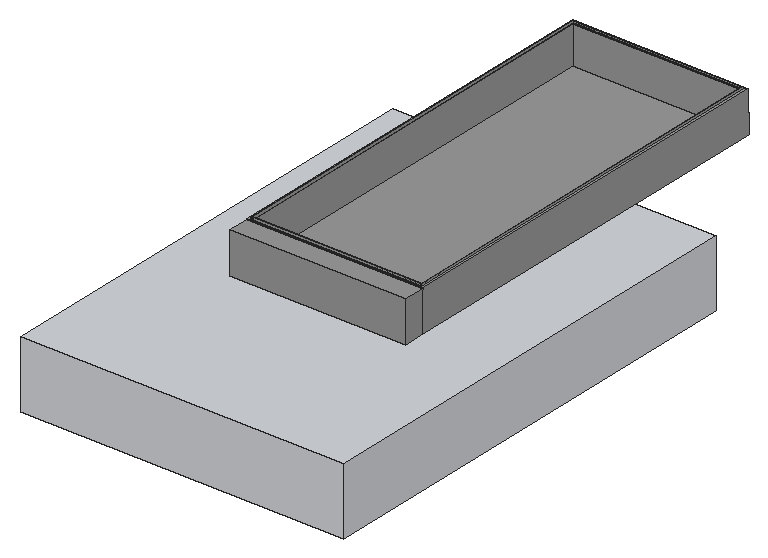
Revit family "Hager-Univers-IP30-D205-H1950-Cl.II-Encl-CH-it", category Equipement électrique, Revit 2020
Family settings
  Hôte = Face
  Configuration du panneau = Deux colonnes, circuits au sein
  Cote de connecteur circulaire = Utiliser le diamètre
  Type d'élément = Tableau de raccordement
  Couper avec des vides une fois chargée = Non
  Partagée = Non
  Point de calcul de pièce = Non
Parameters (values of type "montaggio a pavimento IP30 L800 A1950 P205  - FP23S1N")
  Width Control [instance] = if([EF000008 - Larghezza] > Min Width, [EF000008 - Larghezza], Min Width)  # 800 mm
  Commentaires du type = [HG000003 - Gamma]  # "Univers"
  Thickness Door [instance] = if([EF009171 - spessore materiale porta/coperchio] > 3 mm, 3 mm, [EF009171 - spessore materiale porta/coperchio])  # 1 mm
  Seal Frame Offset [instance] = 17 mm  # constant formula
  Plinth Visibility [instance] = [HG000027 - Altezza dello zoccolo] > 0 mm  # yes
  Model = ""
  Min Width [instance] = 100 mm  # constant formula
  Min Height [instance] = 100 mm  # constant formula
  Min Depth [instance] = (2 * [EF009170 - spessore materiale scatola]) + 1 mm  # 3 mm
  Internal Frame Depth [instance] = (Door System Depth * 0.5)  # 9 mm
  Height Control [instance] = if([EF000040 - Altezza] > Min Height, [EF000040 - Altezza], Min Height)  # 1950 mm
  HG000027 - Altezza dello zoccolo = 100 mm
  HG000026 - A pavimento = yes
  HG000024 - Altezza della sezione inferiore = 800 mm
  HG000023 - Custodia a doppia sezione = no
  HG000016 - Visibilità delle porte nella vista 3D [instance] = yes
  HG000015 - Visibilità attraverso la porta [instance] = no
  HG000014 - Porta destra [instance] = yes
  HG000013 - Porta sinistra [instance] = not([HG000014 - Porta destra])  # no
  HG000012 - Angolo di apertura della porta [instance] = 30.00°
  HG000010 - Porte asimmetriche = no
  HG000009 - Porta doppia a battente = no
  HG000006 - Ad incasso = no
  HG000004 - Codice produttore = "FP23S1N"
  HG000003 - Gamma = "Univers"
  HG000002 - Con porta = no
  Frame Offset Bottom [instance] = 10 mm  # constant formula
  Frame Offset [instance] = 15 mm  # constant formula
  EF015940 - Coprire con rilascio di sovrapressione = no
  EF011959 - tipo di protezione (NEMA) = ""
  EF009554 - numero delle aperture per la piastra della flangia = 6
  Fabricant = "Hager"  # constant formula
  EF009212 - esecuzione coperchio = "EV009916 - con taglio"
  EF009171 - spessore materiale porta/coperchio = 1 mm
  EF009170 - spessore materiale scatola = 1 mm
  EF008873 - corrente nominale (In) = 400 A
  EF007800 - adatto per parafulmine = no
  EF006306 - con serratura = no
  EF006244 - coperchio/porta trasparente = no
  EF005474 - grado di protezione (IP) = "EV006410 - IP30"
  EF004464 - tipo di porta = "EV000494 - senza"
  EF004427 - numero di moduli = 432
  EF004293 - resistenza agli urti = "EV006813 - IK07"
  EF003532 - adatto per uso esterno = no
  EF002950 - Numero moduli DIN = 36
  EF001613 - Integrità del circuito = "EV000494 - senza"
  EF001596 - Attacco Lampada = "EV000179 - acciaio"
  EF001131 - profondità interna = 130 mm
  EF001088 - possibilità di applicazione = yes
  EF000437 - numero di ingressi per conduttori = 6
  EF000339 - tipo di copertura = "EV000494 - senza"
  EF000266 - numero di file = 12
  EF000218 - profondità di incasso = 0 mm
  EF000118 - con piastra di montaggio = no
  EF000116 - numero RAL = "9010"
  EF000049 - profondità = 205 mm
  EF000040 - Altezza = 1950 mm
  EF000008 - Larghezza = 800 mm
  EF000007 - colore = "EV000202 - bianco"
  EF000003 - Tipo di montaggio = "EV012274 - montaggio a pavimento"
  Door System Leaf Tolerance [instance] = 1.5 mm  # constant formula
  Door System Depth [instance] = 18 mm  # constant formula
  Door Height [instance] = Height Control - [HG000027 - Altezza dello zoccolo]  # 1850 mm
  Depth Control [instance] = if([EF000049 - profondità] > Min Depth, [EF000049 - profondità], Min Depth)  # 205 mm
  Default Elevation = 0 mm
  Connector Offset [instance] = Height Control / 2  # 975 mm
  Bottom Top Plate Trim [instance] = 1.5 mm  # constant formula
  Plinth height Ctrl [instance] = if([HG000027 - Altezza dello zoccolo] > 0 mm, [HG000027 - Altezza dello zoccolo], 12 mm)  # 100 mm
Types (5, lengths in mm): name | Width Control | HG000004 - Codice produttore | EF009554 - numero delle aperture per la piastra della flangia | EF008873 - corrente nominale (In) | EF004427 - numero di moduli | EF002950 - Numero moduli DIN | EF000437 - numero di ingressi per conduttori | EF000008 - Larghezza
  montaggio a pavimento IP30 L1050 A1950 P205  - FP24S1N | 1050 | "FP24S1N" | 8 | 400 A | 576 | 48 | 8 | 1050
  montaggio a pavimento IP30 L1300 A1950 P205  - FP25S1N | 1300 | "FP25S1N" | 10 | 400 A | 720 | 60 | 10 | 1300
  montaggio a pavimento IP30 L300 A1950 P205  - FP21S1N | 300 | "FP21S1N" | 2 | 250 A | 144 | 12 | 2 | 300
  montaggio a pavimento IP30 L550 A1950 P205  - FP22S1N | 550 | "FP22S1N" | 4 | 400 A | 288 | 24 | 4 | 550
  montaggio a pavimento IP30 L800 A1950 P205  - FP23S1N | 800 | "FP23S1N" | 6 | 400 A | 432 | 36 | 6 | 800
Reference planes
  plane 1 "Center (Front/Back)": y = 0
  plane 2: z = 0
  plane 3 "Center (Left/Right)": x = 0
  plane 4: z = 205
  plane 5: y = 101
  plane 6: y = 1025
  plane 7: y = 100
  plane 8: y = 1950
  plane 9: z = 0
  plane 10: x = -385
  plane 11: x = 385
  plane 12: x = 384
  plane 13: x = -384
  plane 14: y = 1949
  plane 15: x = -383
  plane 16: x = -400
  plane 17: x = 383
  plane 18: x = 400
  plane 19: x = 399
  plane 20: x = -399
  plane 21: y = 111
  plane 22: y = 1950
  plane 23: y = 1934
  plane 24: z = 187
  plane 25: z = 1
  plane 26: z = 186
  plane 27: z = 204
Forms (mm)
  Extrusion 1, solid
    sketch origin (0, 0, 0) x (1, 0, 0) y (0, 1, 0)
      loop
        line (-702.964, 1305) -> (-702.964, -811.445) -> (766.763, -811.445) -> (766.763, 1305) -> (-702.964, 1305)
    from 0 to -304.8
  Extrusion 2, solid, material "Hager_Steel_RAL7035_Light_Grey", visible <- "Plinth Visibility", detail levels medium+fine
    sketch origin (0, 0, 0) x (1, 0, 0) y (0, 1, 0)
      loop
        line (-400, 0) -> (400, 0) -> (400, 100) -> (-400, 100) -> (-400, 0)
    from 0 to 187
  Extrusion 3, solid, material "Hager_Steel_RAL7035_Light_Grey", detail levels medium+fine
    sketch origin (0, 0, 0) x (1, 0, 0) y (0, 1, 0)
      loop
        line (-400, 100) -> (400, 100) -> (400, 1950) -> (-400, 1950) -> (-400, 100)
    from 0 to 187
  Extrusion 4, void
    sketch origin (0, 0, 0) x (1, 0, 0) y (0, 1, 0)
      loop
        line (-399, 101) -> (399, 101) -> (399, 1949) -> (-399, 1949) -> (-399, 101)
    from 1 to 186
  Extrusion 5, void
    sketch origin (-381.607, -4572, 187) x (0, -1, 0) y (-1, 0, 0)
      loop
        line (-4683, 2.393) -> (-6506, 2.393) -> (-6506, -765.607) -> (-4683, -765.607) -> (-4683, 2.393)
    from 0 to 1 <- "EF009170 - spessore materiale scatola"
  Extrusion 6, solid, material "Hager_Steel_RAL7035_Light_Grey", detail levels fine
    sketch origin (0, 0, 187) x (1, 0, 0) y (0, 1, 0)
      loop
        line (-384, 1934) -> (-384, 111) -> (384, 111) -> (384, 1934) -> (-384, 1934)
      loop
        line (-385, 110) -> (385, 110) -> (385, 1935) -> (-385, 1935) -> (-385, 110)
    from 0 to 9 <- "Internal Frame Depth"
  Extrusion 7, solid, material "Hager_Steel_RAL7035_Light_Grey", detail levels coarse
    sketch origin (0, 0, 0) x (1, 0, 0) y (0, 1, 0)
      loop
        line (-400, 0) -> (400, 0) -> (400, 1950) -> (-400, 1950) -> (-400, 0)
    from 0 to 205
  Sweep 8, void
    path in 3D
      loop
        line (-400, 100, 0) -> (400, 100, 0) -> (400, 100, 187) -> (-400, 100, 187) -> (-400, 100, 0)
    profile origin (-400, 100, 93.5) x (-1, 0, 0) y (0, -1, 0)
      loop
        line (0, 0) -> (0, 1.5) -> (-1.5, 1.5)
        arc (-1.5, 1.5) -> (-1.061, 0.439) -> (0, 0) r 1.5
Cuts and joins
  Extrusion 4, Extrusion 5 cuts Extrusion 3
  Sweep 8 cuts Extrusion 2
Lines and regions (mm)
  Masking region 1
    outline origin (0, 0, 0) x (1, 0, 0) y (0, 0, 1)
      loop
        line (-400, 205) -> (-400, 0) -> (400, 0) -> (400, 205) -> (-400, 205)
  Masking region 2, detail levels medium+fine
    outline origin (0, 140, 0) x (0, 1, 0) y (0, 0, 1)
      loop
        line (-40, 0) -> (1810, 0) -> (1810, 187) -> (-40, 187) -> (-40, 0)
  Masking region 3, not visible, detail levels medium+fine
    outline origin (0, 297.922, 0) x (0, 1, 0) y (0, 0, 1)
      loop
        line (738.578, 0) -> (778.578, 0) -> (778.578, 194)
        arc (778.578, 194) -> (775.649, 201.071) -> (768.578, 204) r 10
        line (768.578, 204) -> (738.578, 204) -> (738.578, 0)
  Masking region 4, detail levels coarse
    outline origin (0, 0, 180) x (0, 1, 0) y (0, 0, 1)
      loop
        line (0, -180) -> (1950, -180) -> (1950, 25) -> (0, 25) -> (0, -180)
  Masking region 5, visible <- "Plinth Visibility", detail levels medium+fine
    outline origin (0, 52.24, 12.345) x (0, 0, -1) y (0, 1, 0)
      loop
        line (10.845, 47.76) -> (-173.155, 47.76)
        arc (-173.155, 47.76) -> (-173.594, 46.699) -> (-174.655, 46.26) r 1.5
        line (-174.655, 46.26) -> (-174.655, -52.24) -> (12.345, -52.24) -> (12.345, 46.26)
        arc (12.345, 46.26) -> (11.285, 46.699) -> (10.845, 47.76) r 1.5
  Masking region 6, detail levels medium+fine
    outline origin (-381.607, -4572, 187) x (-1, 0, 0) y (0, -1, 0)
      loop
        line (18.393, -6522) -> (18.393, -4672) -> (-781.607, -4672) -> (-781.607, -6522) -> (18.393, -6522)
  Masking region 7, visible <- "Plinth Visibility", detail levels medium+fine
    outline origin (-381.607, -4727, 187) x (-1, 0, 0) y (0, -1, 0)
      loop
        arc (16.893, -4827) -> (17.332, -4825.939) -> (18.393, -4825.5) r 1.5
        line (18.393, -4825.5) -> (18.393, -4727) -> (-781.607, -4727) -> (-781.607, -4825.5)
        arc (-781.607, -4825.5) -> (-780.546, -4825.939) -> (-780.107, -4827) r 1.5
        line (-780.107, -4827) -> (16.893, -4827)
  Masking region 8, detail levels coarse
    outline origin (-442.548, -4669.526, 187) x (-1, 0, 0) y (0, -1, 0)
      loop
        line (-42.548, -6619.526) -> (-42.548, -4669.526) -> (-842.548, -4669.526) -> (-842.548, -6619.526) -> (-42.548, -6619.526)
  sketch lines
    curve 1: line (-400, 100, 187) -> (-400, 100, 0)
    curve 2: line (400, 100, 187) -> (-400, 100, 187)
    curve 3: line (400, 100, 187) -> (400, 100, 0)
    curve 4: line (-400, 100, 0) -> (400, 100, 0)
Dimensions and locks
  "Depth Control": plane 4 to Extrusion 1
  "HG000027 - Altezza dello zoccolo": plane 1 "Center (Front/Back)" to plane 7
  "EF009170 - spessore materiale scatola": plane 5 to plane 7
  locked: connector elem to plane 3 "Center (Left/Right)"
  equal spacing: plane 8, plane 6, plane 7
  locked: connector elem to plane 6
  "EF009170 - spessore materiale scatola": plane 8 to plane 14
  "EF009170 - spessore materiale scatola": plane 10 to plane 13
  "EF009170 - spessore materiale scatola": plane 12 to plane 11
  "Frame Offset": plane 20 to plane 13
  "Frame Offset": plane 12 to plane 19
  "EF009170 - spessore materiale scatola": plane 16 to plane 20
  "EF009170 - spessore materiale scatola": plane 19 to plane 18
  "Seal Frame Offset": plane 16 to plane 15
  "Seal Frame Offset": plane 17 to plane 18
  "Frame Offset Bottom": plane 21 to plane 5
  "Frame Offset": plane 14 to plane 23
  equal spacing: plane 16, plane 3 "Center (Left/Right)", plane 18
  "Width Control": plane 16 to plane 18
  "EF009170 - spessore materiale scatola": plane 4 to plane 27
  "EF009170 - spessore materiale scatola": plane 24 to plane 26
  "EF009170 - spessore materiale scatola": plane 25 to level
  "Door System Depth": plane 4 to plane 24
  "Height Control": plane 1 "Center (Front/Back)" to Extrusion 7 sketch curve
  "Height Control": Masking region 4 sketch curve to plane 1 "Center (Front/Back)"
  "Height Control": plane 1 "Center (Front/Back)" to plane 22
  "Bottom Top Plate Trim": profile plane to Sweep 8 sketch curve
  "Bottom Top Plate Trim": Sweep 8 sketch curve to profile plane
  "Plinth height Ctrl": plane 1 "Center (Front/Back)" to Extrusion 2 sketch curve
  "Plinth height Ctrl": Masking region 5 sketch curve to plane 1 "Center (Front/Back)"
  "Plinth height Ctrl": plane 1 "Center (Front/Back)" to Masking region 7 sketch curve
  "Thickness Door": Extrusion 6 sketch curve to Extrusion 6 sketch curve  (x3)
  "Thickness Door": cut or joined group of Extrusion 3, Extrusion 4, Extrusion 5 to Extrusion 6 sketch curve
  radius of Masking region 3 sketch curve = 10 mm
  "Bottom Top Plate Trim": radius of Masking region 5 sketch curve  (x2)
  "Bottom Top Plate Trim": radius of Sweep 8 sketch curve
  "Bottom Top Plate Trim": radius of Masking region 7 sketch curve  (x2)
  aligned and locked: plane 2 to Extrusion 1
  aligned and locked: level to Extrusion 1
  aligned and locked: level to Masking region 1 sketch curve
  aligned and locked: Masking region 1 sketch curve to plane 18
  aligned and locked: Masking region 1 sketch curve to plane 16
  aligned and locked: plane 7 to Masking region 2 sketch curve
  aligned and locked: level to Masking region 3 sketch curve
  aligned and locked: Masking region 3 sketch curve to plane 27
  aligned and locked: level to Masking region 2 sketch curve
  aligned and locked: plane 1 "Center (Front/Back)" to Extrusion 2 sketch curve
  aligned and locked: Extrusion 3 sketch curve to plane 7
  aligned and locked: plane 16 to Extrusion 3 sketch curve
  aligned and locked: plane 18 to Extrusion 3 sketch curve
  aligned and locked: plane 20 to Extrusion 4 sketch curve
  aligned and locked: plane 19 to Extrusion 4 sketch curve
  aligned and locked: Extrusion 4 sketch curve to plane 5
  aligned and locked: Extrusion 4 to plane 25
  aligned and locked: plane 26 to Extrusion 4
  aligned and locked: plane 24 to Extrusion 3
  aligned and locked: Extrusion 5 sketch curve to plane 21
  aligned and locked: Extrusion 5 sketch curve to plane 13
  aligned and locked: Extrusion 5 sketch curve to plane 12
  aligned and locked: plane 18 to Extrusion 7 sketch curve
  aligned and locked: plane 1 "Center (Front/Back)" to Extrusion 7 sketch curve
  aligned and locked: plane 16 to Extrusion 7 sketch curve
  aligned and locked: plane 4 to Extrusion 7
  aligned and locked: Extrusion 7 to level
  aligned and locked: level to Masking region 4 sketch curve
  aligned and locked: Masking region 4 sketch curve to plane 1 "Center (Front/Back)"
  aligned and locked: Masking region 4 sketch curve to plane 4
  aligned and locked: nested 1 to level
  aligned and locked: nested 1 to plane 16
  aligned and locked: plane 8 to Extrusion 3 sketch curve
  aligned and locked: plane 23 to Extrusion 5 sketch curve
  aligned and locked: plane 14 to Extrusion 4 sketch curve
  aligned and locked: Masking region 2 sketch curve to plane 8
  aligned and locked: level to Masking region 5 sketch curve
  aligned and locked: plane 16 to Extrusion 2 sketch curve
  aligned and locked: plane 18 to Extrusion 2 sketch curve
  aligned and locked: Masking region 5 sketch curve to plane 24
  aligned and locked: Masking region 2 sketch curve to plane 24
  aligned and locked: plane 24 to Extrusion 2
  aligned and locked: profile plane to Sweep 8 sketch curve  (x2)
  aligned and locked: Masking region 6 sketch curve to plane 18
  aligned and locked: Masking region 6 sketch curve to plane 22
  aligned and locked: Masking region 6 sketch curve to plane 16
  aligned and locked: plane 8 to plane 22
  aligned and locked: Masking region 6 sketch curve to plane 7
  aligned and locked: Masking region 7 sketch curve to plane 16
  aligned and locked: Masking region 7 sketch curve to plane 1 "Center (Front/Back)"
  aligned and locked: Masking region 7 sketch curve to plane 18
  aligned and locked: Masking region 8 sketch curve to plane 1 "Center (Front/Back)"
  aligned and locked: Masking region 8 sketch curve to plane 18
  aligned and locked: Masking region 8 sketch curve to plane 22
  aligned and locked: Masking region 8 sketch curve to plane 16
  aligned and locked: nested 2 to plane 7
  aligned and locked: plane 3 "Center (Left/Right)" to nested 2
  aligned and locked: nested 2 to plane 24
  aligned and locked: Extrusion 6 sketch curve to cut or joined group of Extrusion 3, Extrusion 4, Extrusion 5  (x4)
Automatic sketch dimensions
  Extrusion 1 sketch curve to Extrusion 1 sketch curve = 1469.727 mm
  Extrusion 1 sketch curve to Extrusion 1 sketch curve = 2116.445 mm
  Masking region 1 sketch curve to plane 4 = 0 mm
  plane 6 to Masking region 3 sketch curve = 11.5 mm
  Masking region 3 sketch curve to Masking region 3 sketch curve = 30 mm
  Masking region 5 sketch curve to plane 1 "Center (Front/Back)" = 0 mm
Nested families
  nested 1: "Hager_Enclosure_Symbol" at (-400, 0, 0) x (1, 0, 0) z (0, -1, 0), Height <- "Depth Control", Width <- "Width Control", type "Hager_Enclosure_Symbol"
    with Width_Ctrl 800 mm, Width 800 mm, Height_Ctrl 205 mm, Height 205 mm, A_Width_Int 13.453 mm, A_Width 161.438 mm, A_Height_Ctrl 179.375 mm, A_Height 179.375 mm
  nested 2: "EC000058_Univers_Door" at (0, 100, 187) x (1, 0, 0) z (0, 1, 0), Leaf_Tolerance <- "Door System Leaf Tolerance", Angle <- "HG000012 - Angolo di apertura della porta", Door_Depth <- "Door System Depth", Door_Left <- "HG000013 - Porta sinistra", Transparent <- "EF006244 - coperchio/porta trasparente", Assymetrical <- "HG000010 - Porte asimmetriche", Width <- "Width Control", Clearance <- "HG000015 - Visibilità attraverso la porta", Double <- "HG000009 - Porta doppia a battente", 3d_Door <- "HG000016 - Visibilità delle porte nella vista 3D", Lock_Visibility <- "EF006306 - con serratura", Width_Ctrl <- "Width Control", Door_Right <- "HG000014 - Porta destra", Door <- "HG000002 - Con porta", Height <- "Door Height", Thickness <- "Thickness Door", type "EC000058_Univers_Door", detail levels medium+fine
    with min_wh 3 mm, Width_Ctrl 800 mm, Width 800 mm, Transparent no, Thickness 1 mm, Seal_Material Hager_Rubber, Lock_Visibility no, Lock_Material Hager_Plastic_RAL9005_Jet_Black, Leaf_Width 800 mm, Leaf_Tolerance_External_Sides 0 mm, Leaf_Tolerance 1.5 mm, Leaf_Offset 0 mm, Leaf_Height 1847 mm, Leaf_2_Width 800 mm, Leaf_2_Offset 400 mm, Leaf_1_Width 800 mm, Leaf_1_Offset 400 mm, Height_Ctrl 1850 mm, Height 1850 mm, Glass_Material Hager_Glass, Double_Clearance_Ctrl no, Double no, Door_Right_Ctrl no, Door_Right yes, Door_Material Hager_Steel_RAL7035_Light_Grey, Door_Left_Ctrl no, Door_Left no, Door_Depth 18 mm, Door no, Clearance_Material Hager_Clearance, Clearance_Depth 800 mm, Clearance_Ctrl no, Clearance no, Assymetrical no, Angle 30.00°, 3d_Door yes
Connectors
  electrical at (0, 1025, 0)
    settings: on plane 9, index 1, voltage 0 V, apparent load 0 VA, apparent load phase1 0 VA, apparent load phase2 0 VA, apparent load phase3 0 VA, power factor 1, load classification "Other", number of poles 1, system type 30, power factor state 1, is connector primary yes, connector utility no, sub classification motor no, connector description ""
Definition of nested family "Hager_Enclosure_Symbol"
  Parameters (values of type "Hager_Enclosure_Symbol")
    Width_Ctrl [instance] = if(Width > 1 mm, Width, 1 mm)  # 102.27 mm
    Width [instance] = 102.27 mm
    Height_Ctrl [instance] = if(Height > 1 mm, Height, 1 mm)  # 66.5 mm
    A_Width_Int [instance] = if(A_Width / 12 > 2 mm, A_Width / 12, 2 mm)  # 4.364 mm
    A_Width [instance] = if(A_Height_Ctrl * 0.9 > 2 mm, A_Height_Ctrl * 0.9, 2 mm)  # 52.369 mm
    A_Height_Ctrl [instance] = if(A_Height > 2 mm, A_Height, 2 mm)  # 58.188 mm
    Height [instance] = 66.5 mm
    A_Height [instance] = Height - (Height / 8)  # 58.188 mm
  Reference planes
    plane 1 "Centre (avant/arrière)": y = 0
    plane 2: z = 0
    plane 3 "Centre (gauche/droite)": x = 0
    plane 4: x = 52.369
    plane 5: y = 33.042
    plane 6: y = 41.77
    plane 7: y = 66.5
    plane 8: x = 26.184
    plane 9: y = 37.406
    plane 10: x = 102.27
    plane 11: y = 66.5
    plane 12: y = 8.313
  Lines and regions (mm)
    Filled region 1, type "Solid_Black", in view "Niveau de réf."
      outline origin (0, 0, 0) x (1, 0, 0) y (0, 1, 0)
        loop
          line (52.369, 66.5) -> (33.188, 54.536) -> (45.365, 45.006) -> (52.369, 66.5)
    Filled region 2, type "Solid_Black", in view "Niveau de réf."
      outline origin (0, 0, 0) x (1, 0, 0) y (0, 1, 0)
        loop
          line (0, 0) -> (102.27, 0) -> (102.27, 66.5) -> (0, 0)
    detail lines, in view "Niveau de réf."
      curve 1: line (0, 8.313, 0) -> (26.184, 41.77, 0)
      curve 2: line (26.184, 41.77, 0) -> (26.184, 33.042, 0)
      curve 3: line (26.184, 33.042, 0) -> (52.369, 66.5, 0)
  Dimensions and locks
    "A_Width": plane 3 "Centre (gauche/droite)" to plane 4
    equal spacing: plane 3 "Centre (gauche/droite)", plane 8, plane 4
    equal spacing: plane 6, plane 9, plane 5
    equal spacing: curve 3, Filled region 1 sketch curve, Filled region 1 sketch curve
    "Height_Ctrl": plane 1 "Centre (avant/arrière)" to plane 11
    "A_Height_Ctrl": plane 11 to plane 12
    equal spacing: plane 11, plane 9, plane 12
    "A_Width_Int": plane 6 to plane 9
    "Width_Ctrl": plane 3 "Centre (gauche/droite)" to plane 10
    angle Filled region 1 sketch curve to curve 3 = 20.00°
    angle curve 3 to Filled region 1 sketch curve = 20.00°
    locked: curve 3 to Filled region 1 sketch curve (angle 90.00°)
    aligned and locked: plane 10 to Filled region 2
    aligned and locked: plane 11 to Filled region 2 sketch curve
    aligned and locked: plane 10 to Filled region 2 sketch curve
    aligned and locked: plane 3 "Centre (gauche/droite)" to curve 1
    aligned and locked: plane 12 to curve 1
    aligned and locked: plane 7 to plane 11
  Automatic sketch dimensions
    Filled region 1 sketch curve to plane 4 = 0 mm
    Filled region 1 sketch curve to plane 7 = 0 mm
    plane 1 "Centre (avant/arrière)" to Filled region 2 sketch curve = 0 mm
    Filled region 2 sketch curve to plane 3 "Centre (gauche/droite)" = 0 mm
    curve 2 to plane 6 = 0 mm
    curve 2 to plane 8 = 0 mm
    curve 3 to plane 4 = 0 mm
    curve 2 to plane 5 = 0 mm
    curve 3 to plane 7 = 0 mm
Definition of nested family "EC000058_Univers_Door"
  Parameters (values of type "EC000058_Univers_Door")
    min_wh [instance] = (2 * Thickness) + 1 mm  # 11 mm
    Width_Ctrl [instance] = 400 mm
    Width [instance] = 500 mm
    Transparent [instance] = yes
    Thickness [instance] = 5 mm
    Seal_Material [instance] = none
    Lock_Visibility [instance] = yes
    Lock_Material [instance] = none
    Leaf_Width [instance] = if((Width_Ctrl - 2 * Leaf_Tolerance_External_Sides) > 0 mm, (Width_Ctrl - 2 * Leaf_Tolerance_External_Sides), min_wh)  # 400 mm
    Leaf_Tolerance_External_Sides [instance] = 0 mm  # constant formula
    Leaf_Tolerance [instance] = 1.5 mm
    Leaf_Offset [instance] = 0 mm  # constant formula
    Leaf_Height [instance] = if((Height_Ctrl - 2 * Leaf_Tolerance) > 0 mm, (Height_Ctrl - 2 * Leaf_Tolerance), min_wh)  # 497 mm
    Leaf_2_Width [instance] = if(and(and(Double, Assymetrical), Door_Left), (Leaf_Width / 3) - (Leaf_Tolerance / 2), if(and(and(Double, Assymetrical), Door_Right), (Leaf_Width / 3) * 2 - (Leaf_Tolerance / 2), if(and(Double, not(Assymetrical)), (Leaf_Width / 2) - Leaf_Tolerance, Leaf_Width)))  # 400 mm
    Leaf_2_Offset [instance] = if(and(Double, Assymetrical), Leaf_2_Width / 2, if(and(Double, not(Assymetrical)), Leaf_Width / 4, Leaf_Width / 2))  # 200 mm
    Leaf_1_Width [instance] = if(and(and(Double, Assymetrical), Door_Right), (Leaf_Width / 3) - (Leaf_Tolerance / 2), if(and(and(Double, Assymetrical), Door_Left), (Width / 3) * 2 - (Leaf_Tolerance / 2), if(and(Double, not(Assymetrical)), (Leaf_Width / 2) - Leaf_Tolerance, Leaf_Width)))  # 400 mm
    Leaf_1_Offset [instance] = if(and(Double, Assymetrical), Leaf_1_Width / 2, if(and(Double, not(Assymetrical)), Leaf_Width / 4, Leaf_Width / 2))  # 200 mm
    Height_Ctrl [instance] = if(Height > min_wh, Height, min_wh)  # 500 mm
    Height [instance] = 500 mm
    Glass_Material [instance] = none
    Double_Clearance_Ctrl [instance] = and(Double, Clearance)  # no
    Double [instance] = no
    Door_Right_Ctrl [instance] = and(or(Door_Right, Double), Door)  # yes
    Door_Right [instance] = yes
    Door_Material [instance] = none
    Door_Left_Ctrl [instance] = and(or(Door_Left, Double), Door)  # no
    Door_Left [instance] = no
    Door_Depth [instance] = 30 mm
    Door [instance] = yes
    Default Elevation = 1219.2 mm
    Clearance_Material [instance] = none
    Clearance_Depth [instance] = if(Leaf_1_Width > Leaf_2_Width, Leaf_1_Width, Leaf_2_Width)  # 400 mm
    Clearance_Ctrl [instance] = and(not(Double), Clearance)  # yes
    Clearance [instance] = yes
    Assymetrical [instance] = yes
    Angle [instance] = 30.00°
    3d_Door [instance] = yes
  Reference planes
    plane 1 "Center (Front/Back)": y = 0
    plane 2 "Bottom": z = 0
    plane 3 "Center (Left/Right)": x = 0
    plane 4: z = 500
    plane 5: x = -200
    plane 6: x = 200
    plane 7: z = 500
    plane 8: x = -200
    plane 9: z = 0
    plane 10: x = 200
    plane 11: y = 0
    plane 12: z = 1.5
    plane 13: x = -600
    plane 14: y = -400
    plane 15: x = 600
    plane 16: x = 0
    plane 17: x = 0
    plane 18: x = -200
    plane 19: x = 200
    plane 20: z = 498.5
  Forms (mm)
    Extrusion 1, solid, material <- "Clearance_Material", visible <- "Double_Clearance_Ctrl"
      sketch origin (1200, 0, 0) x (1, 0, 0) y (0, 0, -1)
        loop
          line (-1800, -498.5) -> (-600, -498.5) -> (-600, 0) -> (-1800, 0) -> (-1800, -498.5)
      from 0 to -400
  Dimensions and locks
    equal spacing: plane 5, plane 3 "Center (Left/Right)", plane 6
    "Width_Ctrl": plane 5 to plane 6
    "Leaf_Offset": plane 5 to plane 8
    "Leaf_Offset": plane 6 to plane 10
    "Leaf_Offset": plane 9 to level
    "Leaf_Offset": plane 4 to plane 7
    "Height_Ctrl": plane 4 to level
    "Leaf_Tolerance": plane 12 to plane 9
    locked: plane 11 to plane 1 "Center (Front/Back)"
    "Leaf_1_Offset": plane 18 to plane 16
    "Leaf_2_Offset": plane 17 to plane 19
    "Leaf_1_Width": plane 13 to plane 8
    "Leaf_2_Width": plane 10 to plane 15
    "Clearance_Depth": plane 14 to plane 1 "Center (Front/Back)"
    "Leaf_Tolerance_External_Sides": plane 8 to plane 18
    "Leaf_Tolerance_External_Sides": plane 19 to plane 10
    "Leaf_Tolerance": plane 7 to plane 20
    aligned and locked: level to plane 2 "Bottom"
    aligned and locked: nested 1 to plane 16
    aligned and locked: nested 2 to plane 17
    aligned and locked: Extrusion 1 to plane 13
    aligned and locked: plane 15 to Extrusion 1
    aligned and locked: Extrusion 1 to plane 14
    aligned and locked: plane 12 to nested 1
    aligned and locked: nested 2 to plane 12
    aligned and locked: Extrusion 1 to plane 11
    aligned and locked: plane 20 to Extrusion 1
    aligned and locked: nested 2 to plane 11
    aligned and locked: nested 1 to plane 11
  Automatic sketch dimensions
    Extrusion 1 sketch curve to level = 0 mm
    plane 5 to Extrusion 1 sketch curve = 400 mm
    plane 6 to Extrusion 1 sketch curve = 400 mm
    Extrusion 1 sketch curve to plane 4 = 1.5 mm
  Nested families
    nested 1: "EC000058_Univers_Door_Leaf" at (0, 0, 1.5), Width <- "Leaf_1_Width", visible <- "Door_Left_Ctrl", Leaf_Height <- "Leaf_Height", Angle <- "Angle", 3d_Door <- "3d_Door", Transparent <- "Transparent", Clearance Material <- "Clearance_Material", Clearance <- "Clearance_Ctrl", Door_Material <- "Door_Material", Glass_Material <- "Glass_Material", Door_Depth <- "Door_Depth", Lock_Material <- "Lock_Material", Seal_Material <- "Seal_Material", Lock_Visibility <- "Lock_Visibility", Thickness <- "Thickness", type "EC000058_Univers_Door_Leaf"
      with Width 400 mm, Transparent_Glass_Offset 30 mm, Transparent_Ctrl yes, Transparent yes, Thickness 5 mm, Standard no, Seal_Material none, Seal_D2 8 mm, Seal_D1 1 mm, Offset_Internal_Frame 10 mm, Lock_Width 20 mm, Lock_Visibility_3d yes, Lock_Visibility yes, Lock_Thickness_3 3 mm, Lock_Thickness_2 1 mm, Lock_Thickness_1 3 mm, Lock_Radius_Offset_2 16 mm, Lock_Radius_Offset_1 15 mm, Lock_Radius_2 5 mm, Lock_Radius 6 mm, Lock_Offset 5 mm, Lock_Material none, Lock_Height 80 mm, Lock_Cover_Top_Offset_2d 17 mm, Lock_Cover_Height -65 mm, Leaf_Height 497 mm, Internal_Seal_Thickness 8 mm, Internal_Seal_Depth_2 4.5 mm, Internal_Frame_Depth 25 mm, Glass_Thickness -1 mm, Glass_Offset -2 mm, Glass_Material none, Door_Material none, Door_Depth 30 mm, Clearance Material none, Clearance yes, Angle_Ctrl 30.00°, Angle 30.00°, 3d_Door yes
    nested 2: "EC000058_Univers_Door_Leaf" at (0, 0, 1.5) x (-1, 0, 0) z (0, 0, 1), Width <- "Leaf_2_Width", visible <- "Door_Right_Ctrl", Leaf_Height <- "Leaf_Height", Angle <- "Angle", 3d_Door <- "3d_Door", Transparent <- "Transparent", Clearance Material <- "Clearance_Material", Clearance <- "Clearance_Ctrl", Door_Material <- "Door_Material", Glass_Material <- "Glass_Material", Door_Depth <- "Door_Depth", Lock_Material <- "Lock_Material", Seal_Material <- "Seal_Material", Lock_Visibility <- "Lock_Visibility", Thickness <- "Thickness", type "EC000058_Univers_Door_Leaf"
      with Width 400 mm, Transparent_Glass_Offset 30 mm, Transparent_Ctrl yes, Transparent yes, Thickness 5 mm, Standard no, Seal_Material none, Seal_D2 8 mm, Seal_D1 1 mm, Offset_Internal_Frame 10 mm, Lock_Width 20 mm, Lock_Visibility_3d yes, Lock_Visibility yes, Lock_Thickness_3 3 mm, Lock_Thickness_2 1 mm, Lock_Thickness_1 3 mm, Lock_Radius_Offset_2 16 mm, Lock_Radius_Offset_1 15 mm, Lock_Radius_2 5 mm, Lock_Radius 6 mm, Lock_Offset 5 mm, Lock_Material none, Lock_Height 80 mm, Lock_Cover_Top_Offset_2d 17 mm, Lock_Cover_Height -65 mm, Leaf_Height 497 mm, Internal_Seal_Thickness 8 mm, Internal_Seal_Depth_2 4.5 mm, Internal_Frame_Depth 25 mm, Glass_Thickness -1 mm, Glass_Offset -2 mm, Glass_Material none, Door_Material none, Door_Depth 30 mm, Clearance Material none, Clearance yes, Angle_Ctrl 30.00°, Angle 30.00°, 3d_Door yes
  Definition of nested family "EC000058_Univers_Door_Leaf"
    Parameters (values of type "EC000058_Univers_Door_Leaf")
      Width [instance] = 2000 mm
      Transparent_Glass_Offset [instance] = 30 mm
      Transparent_Ctrl [instance] = and(Transparent, [3d_Door])  # yes
      Transparent [instance] = yes
      Thickness [instance] = 5 mm
      Standard [instance] = and(not(Transparent), [3d_Door])  # no
      Seal_Material [instance] = none
      Seal_D2 [instance] = 8 mm  # constant formula
      Seal_D1 [instance] = 1 mm  # constant formula
      Offset_Internal_Frame [instance] = 10 mm  # constant formula
      Lock_Width [instance] = 20 mm  # constant formula
      Lock_Visibility_3d [instance] = and(Lock_Visibility, [3d_Door])  # yes
      Lock_Visibility [instance] = yes
      Lock_Thickness_3 [instance] = 3 mm  # constant formula
      Lock_Thickness_2 [instance] = 1 mm  # constant formula
      Lock_Thickness_1 [instance] = 3 mm  # constant formula
      Lock_Radius_Offset_2 [instance] = Lock_Radius_Offset_1 + 1 mm  # 16 mm
      Lock_Radius_Offset_1 [instance] = 15 mm  # constant formula
      Lock_Radius_2 [instance] = Lock_Radius - 1 mm  # 5 mm
      Lock_Radius [instance] = 6 mm  # constant formula
      Lock_Offset [instance] = 5 mm  # constant formula
      Lock_Material [instance] = none
      Lock_Height [instance] = 80 mm  # constant formula
      Lock_Cover_Top_Offset_2d [instance] = Lock_Radius_Offset_2 + 1 mm  # 17 mm
      Lock_Cover_Height [instance] = -(Lock_Height - Lock_Radius_Offset_1)  # -65 mm
      Leaf_Height [instance] = 2720.336 mm
      Internal_Seal_Thickness [instance] = 8 mm  # constant formula
      Internal_Seal_Depth_2 [instance] = 4.5 mm  # constant formula
      Internal_Frame_Depth [instance] = if(Door_Depth - Thickness > 5 mm, Door_Depth - Thickness, 5 mm)  # 25 mm
      Glass_Thickness [instance] = if(Thickness > 15 mm, Glass_Offset + 10 mm, -1 mm)  # -1 mm
      Glass_Offset [instance] = if(Thickness > 15 mm, -(Thickness + 10 mm) / 2, -2 mm)  # -2 mm
      Glass_Material [instance] = none
      Door_Material [instance] = none
      Door_Depth [instance] = 30 mm
      Default Elevation = 0 mm
      Clearance Material [instance] = none
      Clearance [instance] = yes
      Angle_Ctrl [instance] = if(Angle > 180.00°, 180.00°, Angle)  # 90.00°
      Angle [instance] = 90.00°
      3d_Door [instance] = yes
    Reference planes
      plane 1 "Center (Front/Back)": y = 0
      plane 2: z = 0
      plane 3 "Center (Left/Right)": x = 0
      plane 4: y = 2000
      plane 5: x = -1000
      plane 6: x = 1000
      plane 7: x = -3000
      plane 8: z = 2720.336
      plane 9: z = 30
      plane 10: z = 2690.336
      plane 11: x = 970
      plane 12: x = -970
      plane 13: y = -3
      plane 14: z = 107.833
      plane 15: y = -5
      plane 16: y = -223.314
      plane 17: x = -1000
      plane 18: z = 1360.168
      plane 19: y = 30
    Forms (mm)
      Extrusion 1, solid, material <- "Clearance Material", visible <- "Clearance"
        sketch origin (0, 0, 0) x (1, 0, 0) y (0, 0, 1)
          loop
            line (-3000, 2720.336) -> (-3000, 0) -> (1000, 0) -> (1000, 2720.336) -> (-3000, 2720.336)
        from 0 to -2000
      Extrusion 2, solid, material <- "Door_Material", visible <- "Standard", detail levels medium+fine
        sketch origin (-1000, 0, 0) x (0, 1, 0) y (-1, 0, 0)
          loop
            line (0, 30) -> (0, 25) -> (2000, 25) -> (2000, 30) -> (0, 30)
        from 0 to 2720.336 <- "Leaf_Height"
      Extrusion 3, solid, material <- "Door_Material", visible <- "Transparent_Ctrl", detail levels medium+fine
        sketch origin (-1000, 0, 0) x (0, 1, 0) y (-1, 0, 0)
          loop
            line (0, 25) -> (2000, 25) -> (2000, 30) -> (0, 30) -> (0, 25)
        from 0 to 2720.336 <- "Leaf_Height"
      Extrusion 4, void
        sketch origin (-1025, 2000, 0) x (0, 1, 0) y (0, 0, -1)
          loop
            line (-30, -2690.336) -> (-30, -30) -> (-1970, -30) -> (-1970, -2690.336) -> (-30, -2690.336)
        from 0 to 5 <- "Thickness"
      Sweep 5, solid, material <- "Seal_Material", visible <- "Transparent_Ctrl", detail levels fine
        path in 3D
          loop
            line (-1025, 30, 30) -> (-1025, 30, 2690.336) -> (-1025, 1970, 2690.336) -> (-1025, 1970, 30) -> (-1025, 30, 30)
        profile origin (-1025, 1000, 30) x (1, 0, 0) y (0, 0, 1)
          loop
            line (0, 0) -> (0, -8) -> (1, -8) -> (1, 0) -> (0, 0)
      Extrusion 6, solid, material <- "Glass_Material", visible <- "Transparent_Ctrl", detail levels medium+fine
        sketch origin (-1030, 0, 0) x (0, 1, 0) y (0, 0, -1)
          loop
            line (1970, -2690.336) -> (1970, -30) -> (30, -30) -> (30, -2690.336) -> (1970, -2690.336)
        from -2 <- "Glass_Offset" to -1 <- "Glass_Thickness"
      Extrusion 7, solid, material <- "Door_Material", visible <- "3d_Door", detail levels medium+fine
        sketch origin (-1025, 2000, 0) x (0, -1, 0) y (0, 0, -1)
          loop
            line (0, -2720.336) -> (2000, -2720.336) -> (2000, 0) -> (0, 0) -> (0, -2720.336)
          loop
            line (1995, -5) -> (5, -5) -> (5, -2715.336) -> (1995, -2715.336) -> (1995, -5)
        from 0 to 25 <- "Internal_Frame_Depth"
      Sweep 8, solid, material <- "Seal_Material", visible <- "Transparent_Ctrl", detail levels fine
        path in 3D
          loop
            line (-1025, 0, 0) -> (-1025, 2000, 0) -> (-1025, 2000, 2720.336) -> (-1025, 0, 2720.336) -> (-1025, 0, 0)
        profile origin (-1025, 0, 1360.168) x (1, 0, 0) y (0, 1, 0)
          loop
            line (0, 10) -> (2.975, 10)
            arc (2.975, 10) -> (4.053, 10.447) -> (4.5, 11.525) r 1.525
            line (4.5, 11.525) -> (4.5, 16.527)
            arc (4.5, 16.527) -> (4.069, 17.569) -> (3.027, 18) r 1.473
            line (3.027, 18) -> (0, 18) -> (0, 10)
      Extrusion 9, solid, material <- "Lock_Material", visible <- "Lock_Visibility_3d", detail levels fine
        sketch origin (-1030, 0, 0) x (0, 1, 0) y (0, 0, -1)
          loop
            arc (1993.5, -1400.168) -> (1994.561, -1399.729) -> (1995, -1398.668) r 1.5
            line (1995, -1398.668) -> (1995, -1320.168) -> (1975, -1320.168) -> (1975, -1398.668)
            arc (1975, -1398.668) -> (1975.439, -1399.729) -> (1976.5, -1400.168) r 1.5
            line (1976.5, -1400.168) -> (1993.5, -1400.168)
        from 3 <- "Lock_Thickness_1" to 0
      Blend 10, solid, material <- "Lock_Material", visible <- "Lock_Visibility_3d", detail levels fine
        base sketch origin (-1033, 0, 0) x (0, 1, 0) y (0, 0, -1)
          loop
            line (1975, -1320.168) -> (1975, -1398.668)
            arc (1975, -1398.668) -> (1975.439, -1399.729) -> (1976.5, -1400.168) r 1.5
            line (1976.5, -1400.168) -> (1993.5, -1400.168)
            arc (1993.5, -1400.168) -> (1994.561, -1399.729) -> (1995, -1398.668) r 1.5
            line (1995, -1398.668) -> (1995, -1320.168) -> (1975, -1320.168)
        top sketch origin (-1033, 0, 0) x (0, 1, 0) y (0, 0, -1)
          loop
            line (1976, -1320.168) -> (1976, -1398.668)
            arc (1976, -1398.668) -> (1976.146, -1399.022) -> (1976.5, -1399.168) r 0.5
            line (1976.5, -1399.168) -> (1993.5, -1399.168)
            arc (1993.5, -1399.168) -> (1993.854, -1399.022) -> (1994, -1398.668) r 0.5
            line (1994, -1398.668) -> (1994, -1320.168) -> (1976, -1320.168)
        from 0 to 1 <- "Lock_Thickness_2"
      Blend 11, solid, material <- "Lock_Material", visible <- "Lock_Visibility_3d", detail levels fine
        base sketch origin (-1034, 0, 0) x (0, 1, 0) y (0, 0, -1)
          loop
            line (1978, -1320.168) -> (1978, -1384.168)
            arc (1978, -1384.168) -> (1985, -1391.168) -> (1992, -1384.168) r 7
            line (1992, -1384.168) -> (1992, -1320.168) -> (1978, -1320.168)
        top sketch origin (-1034, 0, 0) x (0, 1, 0) y (0, 0, -1)
          loop
            line (1991, -1320.168) -> (1979, -1320.168) -> (1979, -1383.168)
            arc (1979, -1383.168) -> (1985, -1389.168) -> (1991, -1383.168) r 6
            line (1991, -1383.168) -> (1991, -1320.168)
        from 0 to 3 <- "Lock_Thickness_3"
      Extrusion 12, solid, material <- "Lock_Material", visible <- "Lock_Visibility_3d", detail levels fine
        sketch origin (-1030, 1975, 1320.168) x (1, 0, 0) y (0, -1, 0)
          loop
            line (-7, -19) -> (-7, -1) -> (0, -1) -> (0, 0) -> (-8, 0) -> (-8, -20) -> (0, -20) -> (0, -19) -> (-7, -19)
        from 0 to -65 <- "Lock_Cover_Height"
      Extrusion 13, void
        sketch origin (-1038, 1995, 1320.168) x (-1, 0, 0) y (0, 0, -1)
          loop
            line (-5, -65) -> (0, -65) -> (-5, -60) -> (-5, -65)
        from 0 to 20 <- "Lock_Width"
      Extrusion 14, void
        sketch origin (-1038, 1975, 1320.168) x (0, -1, 0) y (0, 0, -1)
          loop
            circle (-10, -15.995) r 6
          loop
            circle (-10, -15.995) r 5
        from 0 to 2
      Extrusion 15, solid, material <- "Lock_Material", visible <- "Lock_Visibility_3d", detail levels medium
        sketch origin (-1030, 0, 0) x (0, 1, 0) y (0, 0, -1)
          loop
            arc (1993.5, -1400.168) -> (1994.561, -1399.729) -> (1995, -1398.668) r 1.5
            line (1995, -1398.668) -> (1995, -1320.168) -> (1975, -1320.168) -> (1975, -1398.668)
            arc (1975, -1398.668) -> (1975.439, -1399.729) -> (1976.5, -1400.168) r 1.5
            line (1976.5, -1400.168) -> (1993.5, -1400.168)
        from 8 to 0
    Cuts and joins
      Extrusion 4 cuts Extrusion 3
      Extrusion 13, Extrusion 14 cuts Extrusion 9
      Extrusion 14 cuts Blend 11
      Extrusion 13, Extrusion 14 cuts Extrusion 12
      joined: Extrusion 9, Blend 10, Blend 11, Extrusion 12
      Extrusion 14 cuts Extrusion 15
    Lines and regions (mm)
      Masking region 1, visible <- "Lock_Visibility", detail levels fine
        outline origin (0, 0, 0) x (0, 1, 0) y (0, 0, 1)
          loop
            line (30, 1320.168) -> (33, 1320.168) -> (33, 1400.168) -> (30, 1400.168) -> (30, 1320.168)
      Masking region 2, visible <- "Lock_Visibility", detail levels fine
        outline origin (0, 3.143, 0) x (0, 1, 0) y (0, 0, 1)
          loop
            line (29.857, 1354.168) -> (30.857, 1354.168) -> (30.857, 1366.168) -> (29.857, 1366.168) -> (29.857, 1354.168)
      Masking region 3, detail levels medium+fine
        outline origin (0, 0, 0) x (0, 1, 0) y (0, 0, 1)
          loop
            line (0, 0) -> (30, 0) -> (30, 2720.336) -> (0, 2720.336) -> (0, 0)
      Masking region 4, detail levels medium+fine
        outline origin (0, 0, 0) x (1, 0, 0) y (0, 0, 1)
          loop
            line (-1000, 2720.336) -> (-1000, 0) -> (1000, 0) -> (1000, 2720.336) -> (-1000, 2720.336)
      Masking region 5, visible <- "Lock_Visibility", detail levels fine
        outline origin (-47.116, 0, 0) x (1, 0, 0) y (0, 0, 1)
          loop
            arc (1024.616, 1399.168) -> (1023.556, 1398.729) -> (1023.116, 1397.668) r 1.5
            line (1023.116, 1397.668) -> (1023.116, 1320.168) -> (1041.116, 1320.168) -> (1041.116, 1397.668)
            arc (1041.116, 1397.668) -> (1040.677, 1398.729) -> (1039.616, 1399.168) r 1.5
            line (1039.616, 1399.168) -> (1024.616, 1399.168)
      Masking region 6, visible <- "Lock_Visibility", detail levels medium+fine
        outline origin (-25, 0, 0) x (1, 0, 0) y (0, 0, 1)
          loop
            arc (1001.5, 1400.168) -> (1000.439, 1399.729) -> (1000, 1398.668) r 1.5
            line (1000, 1398.668) -> (1000, 1320.168) -> (1020, 1320.168) -> (1020, 1398.668)
            arc (1020, 1398.668) -> (1019.561, 1399.729) -> (1018.5, 1400.168) r 1.5
            line (1018.5, 1400.168) -> (1001.5, 1400.168)
      Masking region 7, visible <- "Lock_Visibility", detail levels fine
        outline origin (-73.735, 0, 0) x (1, 0, 0) y (0, 0, 1)
          loop
            line (1051.735, 1382.168) -> (1065.735, 1382.168) -> (1065.735, 1384.168)
            arc (1065.735, 1384.168) -> (1058.735, 1391.168) -> (1051.735, 1384.168) r 7
            line (1051.735, 1384.168) -> (1051.735, 1382.168)
      Masking region 8, visible <- "Lock_Visibility", detail levels fine
        outline origin (-73.735, 0, 0) x (1, 0, 0) y (0, 0, 1)
          loop
            line (1052.735, 1382.168) -> (1064.735, 1382.168) -> (1064.735, 1383.168)
            arc (1064.735, 1383.168) -> (1058.735, 1389.168) -> (1052.735, 1383.168) r 6
            line (1052.735, 1383.168) -> (1052.735, 1382.168)
      Masking region 9, visible <- "Lock_Visibility", detail levels fine
        outline origin (-25, 0, 0) x (1, 0, 0) y (0, 0, 1)
          loop
            line (1020, 1320.168) -> (1020, 1382.168) -> (1000, 1382.168) -> (1000, 1320.168) -> (1020, 1320.168)
      Masking region 10, detail levels medium+fine
        outline origin (0, 0, 0) x (1, 0, 0) y (0, 0, 1)
          loop
            circle (985, 1335.144) r 6
      Masking region 11, detail levels fine
        outline origin (0, 0, 0) x (1, 0, 0) y (0, 0, 1)
          loop
            circle (985, 1335.144) r 5
      Masking region 12, visible <- "Lock_Visibility", detail levels fine
        outline origin (0, 12.767, 0) x (0, 1, 0) y (0, 0, 1)
          loop
            line (20.233, 1320.168) -> (21.233, 1320.168) -> (21.233, 1399.168) -> (20.233, 1400.168) -> (20.233, 1320.168)
      Masking region 13, visible <- "Lock_Visibility", detail levels fine
        outline origin (0, 13.767, -10) x (0, 1, 0) y (0, 0, 1)
          loop
            line (20.233, 1330.168) -> (23.233, 1330.168) -> (23.233, 1399.168) -> (20.233, 1402.168) -> (20.233, 1330.168)
      Masking region 14, visible <- "Lock_Visibility", detail levels fine
        outline origin (0, 12.767, -10) x (0, 1, 0) y (0, 0, 1)
          loop
            line (20.233, 1330.168) -> (25.233, 1330.168) -> (25.233, 1399.305) -> (20.233, 1394.305) -> (20.233, 1330.168)
      Masking region 15, visible <- "Lock_Visibility", detail levels medium
        outline origin (0, 0, 0) x (0, 1, 0) y (0, 0, 1)
          loop
            line (30, 1320.168) -> (38, 1320.168) -> (38, 1400.168) -> (30, 1400.168) -> (30, 1320.168)
      Masking region 16, visible <- "Lock_Visibility", detail levels fine
        outline origin (-1000, 0, 0) x (0, 1, 0) y (-1, 0, 0)
          loop
            line (1975, 30) -> (1995, 30) -> (1995, 38) -> (1975, 38) -> (1975, 30)
          loop
            line (1979, 37) -> (1976, 37) -> (1976, 34) -> (1978, 34) -> (1979, 37)
          loop
            line (1994, 37) -> (1991, 37) -> (1992, 34) -> (1994, 34) -> (1994, 37)
      Masking region 17, visible <- "Lock_Visibility", detail levels medium
        outline origin (-1000, 0, 0) x (0, 1, 0) y (-1, 0, 0)
          loop
            line (1975, 30) -> (1995, 30) -> (1995, 38) -> (1975, 38) -> (1975, 30)
      symbolic lines
        curve 1: line (1000, 0, 0) -> (-3000, 0, 0)
        curve 2: arc (1000, 0, 0) -> (-1000, 2000, 0) -> (-3000, 0, 0) r 2000
        curve 4: line (-1030, 0, 0) -> (-1030, 2000, 0)
      reference lines
        curve 3: line (-1000, 0, 0) -> (-1000, 2000, 0)
      symbolic lines, detail levels medium+fine
        curve 5: line (-1030, 2000, 0) -> (-1025, 2000, 0)
        curve 7: line (-1025, 0, 0) -> (-1030, 0, 0)
        curve 8: line (-1025, 0, 0) -> (-1000, 0, 0)
        curve 9: line (-1000, 0, 0) -> (-1000, 2000, 0)
        curve 10: line (-1000, 2000, 0) -> (-1025, 2000, 0)
      symbolic lines, detail levels fine
        curve 6: line (-1025, 2000, 0) -> (-1025, 0, 0)
      sketch lines
        curve 11: line (-1025, 0, 2720.336) -> (-1025, 0, 0)
        curve 12: line (-1025, 2000, 0) -> (-1025, 0, 0)
        curve 13: line (-1025, 2000, 2720.336) -> (-1025, 2000, 0)
        curve 14: line (-1025, 0, 2720.336) -> (-1025, 2000, 2720.336)
        curve 15: line (-1025, 1970, 30) -> (-1025, 30, 30)
        curve 16: line (-1025, 30, 30) -> (-1025, 30, 2690.336)
        curve 17: line (-1025, 1970, 2690.336) -> (-1025, 1970, 30)
        curve 18: line (-1025, 30, 2690.336) -> (-1025, 1970, 2690.336)
      symbolic lines, visible <- "Transparent", detail levels medium+fine
        curve 19: line (-970, 0, 2690.336) -> (970, 0, 2690.336)
        curve 20: line (-970, 0, 30) -> (-970, 0, 2690.336)
        curve 21: line (970, 0, 30) -> (-970, 0, 30)
        curve 22: line (970, 0, 2690.336) -> (970, 0, 30)
    Dimensions and locks
      "Width": plane 1 "Center (Front/Back)" to plane 4
      equal spacing: plane 5, plane 3 "Center (Left/Right)", plane 6
      "Width": plane 5 to plane 6
      "Width": plane 7 to plane 5
      "Leaf_Height": plane 8 to level
      "Width": curve 5 to curve 3
      "Width": curve 3 to curve 3
      plane 8 to plane 10 = 30 mm
      plane 9 to level = 30 mm
      plane 12 to plane 5 = 30 mm
      plane 6 to plane 11 = 30 mm
      Extrusion 1 to Extrusion 4 sketch curve = 30 mm
      "Transparent_Glass_Offset": curve 3 to Extrusion 4 sketch curve
      "Transparent_Glass_Offset": Extrusion 4 sketch curve to cut or joined group of Extrusion 3, Extrusion 4  (x2)
      cut or joined group of Extrusion 3, Extrusion 4 to Extrusion 6 sketch curve = 30 mm
      "Transparent_Glass_Offset": cut or joined group of Extrusion 3, Extrusion 4 to Extrusion 4 sketch curve
      "Thickness": curve 6 to curve 4
      "Thickness": Extrusion 7 sketch curve to Extrusion 7 sketch curve  (x4)
      "Door_Depth": curve 4 to curve 3
      "Offset_Internal_Frame": profile plane to Sweep 8 sketch curve
      "Internal_Seal_Thickness": Sweep 8 sketch curve to Sweep 8 sketch curve
      "Internal_Seal_Depth_2": profile plane to Sweep 8 sketch curve
      "Seal_D1": profile plane to Sweep 5 sketch curve
      "Seal_D2": profile plane to Sweep 5 sketch curve
      "Thickness": Extrusion 2 sketch curve to Extrusion 2 sketch curve
      equal spacing: Extrusion 9 sketch curve, plane 18, Extrusion 9 sketch curve  (x2)
      equal spacing: Masking region 1 sketch curve, plane 18, Masking region 1 sketch curve
      "Lock_Height": Masking region 1 sketch curve to Masking region 1 sketch curve
      "Lock_Radius": Masking region 2 sketch curve to plane 18 to Masking region 2 sketch curve
      Masking region 2 sketch curve to Masking region 1 = 1 mm
      "Door_Depth": plane 19 to plane 1 "Center (Front/Back)"
      "Lock_Thickness_1": Masking region 1 sketch curve to plane 19
      "Lock_Width": Extrusion 9 sketch curve to Extrusion 9 sketch curve
      "Lock_Height": Extrusion 9 sketch curve to Extrusion 9 sketch curve
      "Lock_Offset": cut or joined group of Extrusion 3, Extrusion 4 to Extrusion 9 sketch curve
      equal spacing: plane 8, plane 18, level
      "Lock_Radius_Offset_1": Blend 11 sketch curve to Blend 10
      locked: Blend 10 to Blend 11 sketch curve at 2  (x2)
      locked: var sketch to Blend 11 sketch curve at 1  (x2)
      "Lock_Radius_Offset_2": Blend 11 sketch curve to Blend 10
      locked: Extrusion 12 sketch curve to Extrusion 12 sketch curve at 1  (x3)
      Masking region 6 sketch curve to Masking region 6 sketch curve = 80 mm
      "Lock_Height": Masking region 6 sketch curve to Masking region 6 sketch curve
      "Lock_Width": Masking region 6 sketch curve to Masking region 6 sketch curve
      locked: Masking region 6 to Masking region 5 sketch curve at 1  (x3)
      locked: Masking region 5 to Masking region 7 sketch curve at 2  (x2)
      "Lock_Radius_Offset_1": Masking region 5 to Masking region 7 sketch curve
      "Lock_Radius_Offset_2": Masking region 5 to Masking region 8 sketch curve
      locked: Masking region 7 to Masking region 8 sketch curve at 1  (x2)
      "Lock_Cover_Top_Offset_2d": Masking region 5 to Masking region 9 sketch curve
      equal spacing: Masking region 9, Masking region 10 sketch curve, Masking region 9
      equal spacing: Masking region 9, Masking region 11 sketch curve, Masking region 9
      Extrusion 15 sketch curve to Extrusion 15 sketch curve = 80 mm
      "Lock_Width": Extrusion 15 sketch curve to Extrusion 15 sketch curve
      "Lock_Height": Extrusion 15 sketch curve to Extrusion 15 sketch curve
      equal spacing: Extrusion 15 sketch curve, plane 18, Extrusion 15 sketch curve
      "Lock_Thickness_3": Masking region 13 sketch curve to Masking region 13 sketch curve
      "Lock_Height": Masking region 12 sketch curve to Masking region 12 sketch curve
      locked: Masking region 13 sketch curve to Masking region 1 at 8
      locked: Masking region 14 sketch curve to Masking region 13 at 1
      locked: Masking region 14 sketch curve to Masking region 1 at 10.863
      "Lock_Height": Masking region 15 sketch curve to Masking region 15 sketch curve
      "Lock_Offset": Extrusion 15 sketch curve to cut or joined group of Extrusion 3, Extrusion 4
      "Lock_Offset": plane 6 to Masking region 6 sketch curve
      radius of Sweep 8 sketch curve = 1.525 mm
      radius of Sweep 8 sketch curve = 1.473 mm
      radius of Extrusion 9 sketch curve = 1.5 mm  (x2)
      "Lock_Radius": radius of Extrusion 14 sketch curve
      "Lock_Radius_2": radius of Extrusion 14 sketch curve
      "Lock_Radius": radius of Masking region 10 sketch curve
      "Lock_Radius_2": radius of Masking region 11 sketch curve
      radius of Extrusion 15 sketch curve = 1.5 mm  (x2)
      "Angle_Ctrl": angle plane 1 "Center (Front/Back)" to curve 3
      locked: Masking region 12 sketch curve to Masking region 12 sketch curve (angle 45.00°)
      locked: Masking region 13 sketch curve to Masking region 13 sketch curve (angle 45.00°)
      locked: Masking region 14 sketch curve to Masking region 14 sketch curve (angle 45.00°)
      aligned and locked: level to plane 2
      aligned and locked: Extrusion 1 to curve 1
      aligned and locked: plane 6 to Extrusion 1
      aligned and locked: Extrusion 1 to plane 1 "Center (Front/Back)"
      aligned and locked: plane 4 to Extrusion 1
      aligned and locked: plane 8 to Extrusion 1
      aligned and locked: curve 7 to Extrusion 2 sketch curve
      aligned and locked: curve 5 to Extrusion 2 sketch curve
      aligned and locked: curve 7 to Extrusion 3 sketch curve
      aligned and locked: Extrusion 3 sketch curve to curve 4
      aligned and locked: Extrusion 3 sketch curve to curve 6
      aligned and locked: Extrusion 3 sketch curve to curve 5
      aligned and locked: curve 9 to curve 3
      aligned and locked: Extrusion 7 sketch curve to cut or joined group of Extrusion 3, Extrusion 4  (x4)
      aligned and locked: plane 17 to curve 3
      aligned and locked: plane 1 "Center (Front/Back)" to curve 3
      aligned and locked: plane 17 to plane 5
      aligned and locked: Sweep 8 sketch curve to profile plane
      aligned and locked: Sweep 5 sketch curve to profile plane  (x2)
      aligned and locked: Masking region 1 to Masking region 2 sketch curve
      aligned and locked: plane 19 to Masking region 1 sketch curve
      aligned and locked: plane 1 "Center (Front/Back)" to Masking region 3 sketch curve
      aligned and locked: plane 19 to Masking region 3 sketch curve
      aligned and locked: level to Masking region 3 sketch curve
      aligned and locked: Masking region 3 sketch curve to plane 8
      aligned and locked: plane 17 to Masking region 4 sketch curve
      aligned and locked: level to Masking region 4 sketch curve
      aligned and locked: Masking region 4 sketch curve to plane 8
      aligned and locked: plane 12 to curve 20
      aligned and locked: plane 10 to curve 19
      aligned and locked: plane 11 to curve 22
      aligned and locked: curve 21 to plane 9
      aligned and locked: Extrusion 2 sketch curve to cut or joined group of Extrusion 3, Extrusion 4
      aligned and locked: Blend 10 sketch curve to Extrusion 9  (x4)
      aligned and locked: Extrusion 9 to Blend 10 sketch curve
      aligned and locked: Blend 10 to Blend 11 sketch curve
      aligned and locked: Extrusion 12 sketch curve to Blend 11
      aligned and locked: Extrusion 12 sketch curve to Extrusion 9  (x4)
      aligned and locked: Masking region 5 sketch curve to Masking region 6
      aligned and locked: Masking region 9 sketch curve to Masking region 6  (x3)
      aligned and locked: Masking region 12 sketch curve to Masking region 1
      aligned and locked: Masking region 13 sketch curve to Masking region 1
      aligned and locked: Masking region 12 to Masking region 14
      aligned and locked: Masking region 14 sketch curve to Masking region 1
      aligned and locked: Masking region 15 sketch curve to Masking region 14
      aligned and locked: Masking region 13 sketch curve to Masking region 12
      aligned and locked: Masking region 16 sketch curve to cut or joined group of Extrusion 14, Extrusion 15  (x4)
      aligned and locked: Masking region 16 sketch curve to cut or joined group of Extrusion 9, Blend 10, Blend 11, Extrusion 12, Extrusion 13, Extrusion 14  (x6)
      aligned and locked: cut or joined group of Extrusion 9, Blend 10, Blend 11, Extrusion 12, Extrusion 13, Extrusion 14 to Masking region 16 sketch curve
      aligned and locked: Masking region 17 sketch curve to cut or joined group of Extrusion 14, Extrusion 15  (x3)
      aligned and locked: Masking region 17 sketch curve to cut or joined group of Extrusion 9, Blend 10, Blend 11, Extrusion 12, Extrusion 13, Extrusion 14
      aligned and locked: Masking region 9 to Masking region 8 sketch curve
      aligned and locked: Masking region 9 to Masking region 7 sketch curve
    Automatic sketch dimensions
      plane 1 "Center (Front/Back)" to curve 2 = 0 mm
      curve 2 to plane 5 = 0 mm
      Extrusion 1 sketch curve to level = 0 mm
      Extrusion 1 sketch curve to plane 7 = 0 mm
      Extrusion 1 sketch curve to plane 6 = 0 mm
      Extrusion 1 sketch curve to plane 8 = 0 mm
      Extrusion 3 to Extrusion 6 sketch curve = 30 mm  (x4)
      Masking region 4 sketch curve to plane 6 = 0 mm
      Blend 10 sketch curve to Extrusion 9 = 1.5 mm
      Blend 10 sketch curve to Extrusion 9 = 1 mm
      Extrusion 13 sketch curve to Extrusion 12 = 0 mm  (x2)
      Extrusion 12 to Extrusion 13 sketch curve = 3 mm
      Extrusion 13 sketch curve to Extrusion 12 = 5 mm
      Extrusion 14 sketch curve to Extrusion 14 sketch curve = 0 mm  (x2)
      Extrusion 14 sketch curve to Extrusion 12 = 10 mm
      Extrusion 14 sketch curve to Extrusion 12 = 15.995 mm
      Masking region 5 sketch curve to Masking region 5 sketch curve = 1.5 mm  (x2)
      Masking region 10 sketch curve to plane 18 = 25.024 mm
      Masking region 11 sketch curve to plane 18 = 25.024 mm
      plane 19 to Masking region 14 sketch curve = 3 mm
      Masking region 16 sketch curve to Masking region 16 sketch curve = 3 mm
      curve 4 to curve 3 = 0 mm
      Blend 10 to Blend 11 sketch curve = 0 mm
      Masking region 6 sketch curve to Masking region 6 sketch curve = 1.5 mm  (x2)
      Masking region 6 sketch curve to plane 18 = 40 mm
      plane 19 to Masking region 12 sketch curve = 3 mm
      Masking region 12 sketch curve to Masking region 12 sketch curve = 1 mm
      Masking region 15 sketch curve to plane 19 = 0 mm
      Masking region 15 sketch curve to plane 18 = 40 mm
      radius of Blend 10 sketch curve to Extrusion 9 = 1 mm
